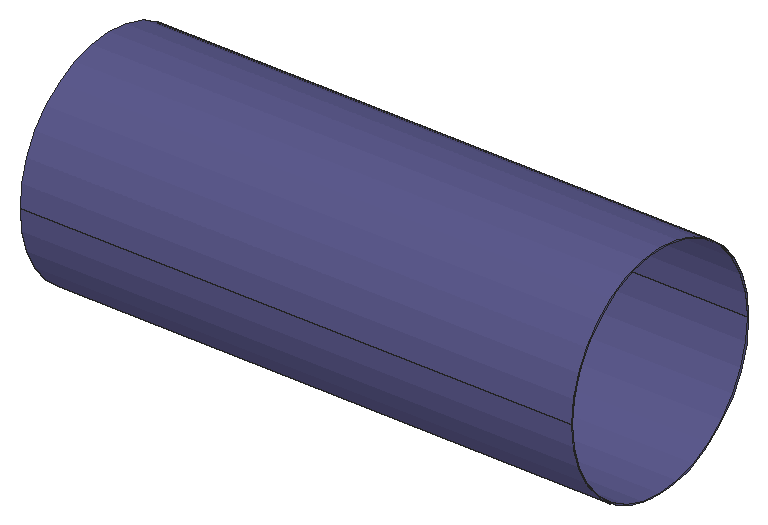
Revit family "FabricDuct_RoundDiffuser_DuctSox_UFSox", category Air Terminals, Revit 2017
Family settings
  Round Connector Dimension = Use Radius
  Part Type = Normal
  OmniClass Number = 23.75.70.14
  OmniClass Title = Air Ductwork
  Work Plane-Based = No
  Always vertical = No
  Cut with Voids When Loaded = No
  Shared = No
  Room Calculation Point = No
Parameters (values of type "Blue")
  Use Annotation Scale [instance] = 0
  URL = "http://www.ductsox.com/"
  Type Comments = "Round Endcap Diffuser"
  Specification = "http://www.arcat.com/sd/clients/ductsox.html?coid=38595"
  Sales Information = "https://www.ductsox.com/rep-locator"
  Revision = "R1_03-2018"
  Radius [instance] = 24"
  Product Properties = "http://www.ductsox.com/products"
  Product Data = "https://www.arcat.com/arcatcos/cos38/arc38595.html"
  Model = "Sedona-Xm"
  Manufacturer Website = "http://www.ductsox.com/"
  Manufacturer Phone - Toll Free = "866-382-8769"
  Manufacturer Phone = "563-588-5300"
  Manufacturer Fax = "563-588-5330"
  Manufacturer Address = "4343 Chavenelle Rd., Dubuque, IA 52002"
  Manufacturer = "DuctSox"
  Loss Coefficient [instance] = if((SkeleCore FTS internal frame), 0.0056, 0.0004)  # 0.0056
  Length [instance] = 120"
  Keynote = "15810"
  Installation-Fabrication = "http://www.ductsox.com/commercial-and-industrial-applications-ductsox-fabric-ductwork"
  IRad [instance] = Radius - 0' 0 1/8"  # 1' - 11 7/8"
  Green Building-LEED = "https://www.arcat.com/green/clients/leed_data_38595.html"
  SkeleCore FTS internal frame [instance] = yes
  Fabric Color = Fabric_Blue
  Drawn By = "Sumex Design, Inc. / Robert S. Weygant, CSI, CDT, SCIP"
  Description = "DuctSox Sedona-Xm Round Endcap Diffuser"
  Copyright = "©Arcat Inc."
  Construction Details = "https://www.ductsox.com/media-library"
  Assembly Code = "D3040100"
  Air Flow [instance] = 249.92 CFM
Types (7): name | Radius | IRad | Fabric Color | Air Flow
  Black | 24" | 1' - 11 7/8" | Fabric_Black | 249.92 CFM
  Silver | 24" | 1' - 11 7/8" | Fabric_Silver | 249.92 CFM
  White | 24" | 1' - 11 7/8" | Fabric_White | 249.92 CFM
  Green | 24" | 1' - 11 7/8" | Fabric_Green | 249.92 CFM
  Blue | 24" | 1' - 11 7/8" | Fabric_Blue | 249.92 CFM
  Red | 12" | 0' - 11 7/8" | Fabric_Red | 124.96 CFM
  Tan | 24" | 1' - 11 7/8" | Fabric_Tan | 249.92 CFM
Reference planes (in)
  plane 1 "Center (Front/Back)": y = 0
  plane 2: z = 0
  plane 3 "Center (Left/Right)": x = 0
  plane 4: x = 120
  plane 5: y = 24
  plane 6: y = -24
  plane 7: x = 4
  plane 8: x = 116
Forms (in)
  Sweep 1, solid, material "Fabric_Blue" <- "Fabric Color", detail levels medium+fine
    path in 3D
      loop
        line (0, 0, 0) -> (120, 0, 0)
    profile origin (60, 0, 0) x (0, 1, 0) y (0, 0, 1)
      loop
        circle (0, 0) r 24
      loop
        circle (0, 0) r 23.875
Lines and regions (in)
  reference lines
    curve 1: line (0, 0, 0) -> (120, 0, 0)
    curve 2: line (0, 0, 0) -> (121, 0, 0)
  sketch lines
    curve 3: line (0, 0, 0) -> (120, 0, 0)
  model lines, detail levels coarse
    curve 4: line (0, 24, 0) -> (0, -24, 0)
    curve 5: line (120, 24, 0) -> (120, -24, 0)
    curve 6: line (0, 24, 0) -> (120, 24, 0)
    curve 7: line (0, -24, 0) -> (120, -24, 0)
Dimensions and locks (in)
  "Length": plane 3 "Center (Left/Right)" to plane 4
  "Radius": plane 1 "Center (Front/Back)" to plane 5
  "Radius": plane 1 "Center (Front/Back)" to plane 6
  plane 7 to plane 3 "Center (Left/Right)" = 0' - 4"
  plane 4 to plane 8 = 0' - 4"
  "Radius": radius of Sweep 1 sketch curve
  "IRad": radius of Sweep 1 sketch curve
  aligned and locked: plane 4 to curve 1
  aligned and locked: plane 3 "Center (Left/Right)" to curve 1
  aligned and locked: plane 3 "Center (Left/Right)" to curve 2
  aligned and locked: curve 4 to plane 3 "Center (Left/Right)"
  aligned and locked: plane 1 "Center (Front/Back)" to curve 1
  aligned and locked: plane 1 "Center (Front/Back)" to Sweep 1 sketch curve  (x2)
  aligned and locked: curve 4 to Sweep 1 sketch curve
  aligned and locked: level to Sweep 1 sketch curve
  aligned and locked: curve 5 to plane 4
  aligned and locked: curve 7 to plane 6
  aligned and locked: curve 6 to plane 5
Automatic sketch dimensions
  curve 2 to plane 1 "Center (Front/Back)" = 0' - 0"
  curve 1 to curve 2 = 0' - 1"
Connectors (in)
  hvac at (0, 0, 0), driven by "Radius", driven by "Air Flow", driven by "Loss Coefficient"
    settings: on Sweep 1, index 1, duct flow 249.92 CFM, flow factor 1, pres drop 0.00 in-wg, loss coef 0.0056, conn angle 0.00°, conn width 12", conn height 12", conn diameter 48", duct sys type 1, conn prof type 0, flow config 1, flow direction 1, loss method 4, conn ref index 2, conn util no, is conn primary yes, conn desc ""
  hvac at (120, 0, 0), driven by "Radius", driven by "Loss Coefficient", driven by "Air Flow"
    settings: on Sweep 1, index 2, duct flow 249.92 CFM, flow factor 0, pres drop 0.00 in-wg, loss coef 0.0056, conn angle 0.00°, conn width 12", conn height 12", conn diameter 48", duct sys type 29, conn prof type 0, flow config 1, flow direction 2, loss method 4, conn ref index 1, conn util no, is conn primary no, conn desc ""
